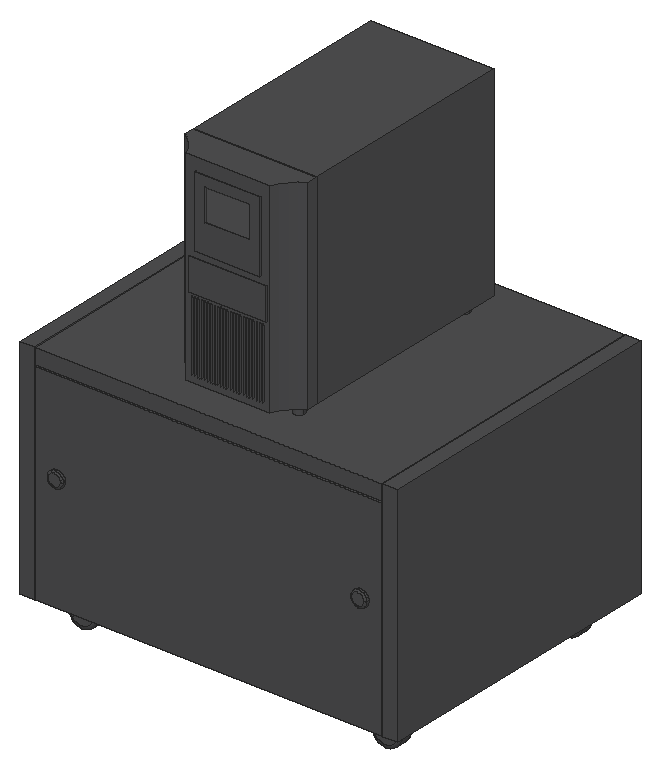
Revit family "Lighting_Emergency&Security_Linergy_Spy-control", category Electrical Fixtures, Revit 2018 (continued)
Definition of nested family "Upper_1810"
  Forms (mm)
    Extrusion 2, void
      sketch origin (0, -52.5, 0) x (1, 0, 0) y (0, 0, 1)
        loop
          line (66, 270) -> (63, 270) -> (63, 10) -> (66, 10) -> (66, 270)
      from 195.5 to 202.347
    Extrusion 3, solid, material <- "Secondary material", visible <- "SC1810", detail levels fine
      sketch origin (0, -52.5, 0) x (1, 0, 0) y (0, 0, 1)
        loop
          line (60, 440) -> (-100, 440)
          arc (-100, 440) -> (-103.536, 438.536) -> (-105, 435) r 5
          line (-105, 435) -> (-105, 345)
          arc (-105, 345) -> (-103.536, 341.464) -> (-100, 340) r 5
          line (-100, 340) -> (60, 340)
          arc (60, 340) -> (63.536, 341.464) -> (65, 345) r 5
          line (65, 345) -> (65, 435)
          arc (65, 435) -> (63.536, 438.536) -> (60, 440) r 5
        loop
          line (-90.5, 428) -> (-90.5, 363) -> (52, 363) -> (52, 428) -> (-90.5, 428)
      from 197.5 to 202.5
    Extrusion 4, solid, material <- "Screen material", visible <- "SC1810"
      sketch origin (0, -52.5, 0) x (1, 0, 0) y (0, 0, 1)
        loop
          line (-90.5, 428) -> (-90.5, 363) -> (52, 363) -> (52, 428) -> (-90.5, 428)
      from 197.5 to 199
    Extrusion 5, solid, material <- "Secondary material", visible <- "SC1810"
      sketch origin (0, -52.5, -85) x (1, 0, 0) y (0, 0, 1)
        loop
          line (70, 423) -> (-110, 423) -> (-110, 378) -> (70, 378) -> (70, 423)
      from 197.5 to 199.5
    Extrusion 6, solid, material <- "Main material", visible <- "SC1810"
      sketch origin (0, -446, 0) x (1, 0, 0) y (0, 1, 0)
        loop
          line (-115, 223) -> (115, 223) -> (115, 226) -> (-115, 226) -> (-115, 223)
      from 5 to 461.464
    Extrusion 7, solid, material <- "Main material", visible <- "SC1810", detail levels fine
      sketch origin (0, 0, 0) x (0, 1, 0) y (0, 0, 1)
        loop
          line (250, 0) -> (250, 465) -> (-220, 465) -> (-220, 0) -> (-215, 0) -> (-190, 20) -> (190, 20) -> (215, 0) -> (250, 0)
      from -120 to 120
    Extrusion 8, solid, material <- "Secondary material", visible <- "SC1810", detail levels coarse+medium
      sketch origin (0, -52.5, 0) x (1, 0, 0) y (0, 0, 1)
        loop
          line (65, 440) -> (-105, 440) -> (-105, 340) -> (65, 340) -> (65, 440)
        loop
          line (-90.5, 428) -> (-90.5, 363) -> (52, 363) -> (52, 428) -> (-90.5, 428)
      from 197.5 to 202.5
    Extrusion 9, solid, material <- "Main material", visible <- "SC1810", detail levels coarse+medium
      sketch origin (0, 0, 0) x (0, 1, 0) y (0, 0, 1)
        loop
          line (250, 0) -> (250, 465) -> (-250, 465) -> (-250, 0) -> (-215, 0) -> (-190, 20) -> (190, 20) -> (215, 0) -> (250, 0)
      from -120 to 120
  Cuts and joins
    Extrusion 2 cuts Extrusion 1
  Dimensions and locks
    equal spacing: plane 5, plane 3 "Center (Left/Right)", plane 4
    "Width_upper": plane 5 to plane 4
    equal spacing: plane 7, plane 1 "Center (Front/Back)", plane 6
    "Depth_upper": plane 6 to plane 7
    "Height_upper": plane 8 to level
    aligned and locked: level to plane 2
    aligned and locked: plane 8 to Extrusion 1
  Automatic sketch dimensions
    Extrusion 1 sketch curve to plane 5 = 0 mm
    plane 7 to Extrusion 1 sketch curve = 0 mm  (x2)
    Extrusion 1 sketch curve to plane 4 = 0 mm
    Extrusion 1 sketch curve to plane 10 = 0 mm
    Extrusion 1 sketch curve to plane 12 = 40 mm
    Extrusion 1 sketch curve to plane 7 = 5 mm
    Extrusion 1 sketch curve to Extrusion 1 sketch curve = 2.5 mm
    Extrusion 1 sketch curve to Extrusion 1 sketch curve = 5 mm
    Extrusion 2 sketch curve to plane 3 "Center (Left/Right)" = 0 mm
    Extrusion 2 sketch curve to plane 3 "Center (Left/Right)" = 6 mm
    Extrusion 2 sketch curve to Extrusion 2 sketch curve = 3 mm  (x19)
    Extrusion 2 sketch curve to Extrusion 2 sketch curve = 6 mm  (x18)
    plane 3 "Center (Left/Right)" to Extrusion 2 sketch curve = 3 mm
    level to Extrusion 2 sketch curve = 10 mm  (x6)
    Extrusion 2 sketch curve to Extrusion 2 sketch curve = 0 mm  (x33)
    Extrusion 2 sketch curve to plane 8 = 195 mm
    Extrusion 3 sketch curve to plane 11 = 10 mm
    Extrusion 3 sketch curve to Extrusion 3 sketch curve = 5 mm  (x3)
    Extrusion 3 sketch curve to Extrusion 3 sketch curve = 9.5 mm
    plane 3 "Center (Left/Right)" to Extrusion 3 sketch curve = 52 mm
    Extrusion 3 sketch curve to Extrusion 3 sketch curve = 8 mm  (x2)
    Extrusion 3 sketch curve to plane 8 = 125 mm
    Extrusion 3 sketch curve to Extrusion 3 sketch curve = 18 mm
    Extrusion 3 sketch curve to plane 8 = 37 mm
    Extrusion 3 sketch curve to Extrusion 3 sketch curve = 7 mm
    Extrusion 4 sketch curve to plane 11 = 24.5 mm
    plane 3 "Center (Left/Right)" to Extrusion 4 sketch curve = 52 mm
    Extrusion 4 sketch curve to plane 8 = 102 mm
    Extrusion 4 sketch curve to plane 8 = 37 mm
    Extrusion 5 sketch curve to plane 11 = 5 mm
    Extrusion 5 sketch curve to plane 12 = 45 mm
    Extrusion 5 sketch curve to plane 8 = 172 mm
    Extrusion 5 sketch curve to Extrusion 5 sketch curve = 45 mm
    Extrusion 6 sketch curve to plane 9 = 0 mm
    Extrusion 6 sketch curve to plane 11 = 0 mm
    Extrusion 6 sketch curve to plane 12 = 0 mm
    Extrusion 6 sketch curve to plane 10 = 0 mm
    Extrusion 7 sketch curve to plane 8 = 0 mm
    Extrusion 7 sketch curve to plane 9 = 0 mm
    Extrusion 7 sketch curve to level = 0 mm  (x2)
    Extrusion 7 sketch curve to plane 6 = 0 mm
    plane 9 to Extrusion 7 sketch curve = 5 mm
    plane 9 to Extrusion 7 sketch curve = 30 mm
    level to Extrusion 7 sketch curve = 20 mm
    Extrusion 7 sketch curve to plane 6 = 60 mm
    Extrusion 7 sketch curve to Extrusion 7 sketch curve = 25 mm
    Extrusion 8 sketch curve to plane 11 = 10 mm
    Extrusion 8 sketch curve to Extrusion 8 sketch curve = 14.5 mm
    plane 3 "Center (Left/Right)" to Extrusion 8 sketch curve = 52 mm
    Extrusion 8 sketch curve to Extrusion 8 sketch curve = 13 mm
    Extrusion 8 sketch curve to plane 8 = 125 mm
    Extrusion 8 sketch curve to Extrusion 8 sketch curve = 23 mm
    Extrusion 8 sketch curve to plane 8 = 37 mm
    Extrusion 8 sketch curve to Extrusion 8 sketch curve = 12 mm
    Extrusion 9 sketch curve to plane 8 = 0 mm
    Extrusion 9 sketch curve to plane 13 = 5 mm
    Extrusion 9 sketch curve to level = 0 mm  (x2)
    Extrusion 9 sketch curve to plane 6 = 0 mm
    plane 9 to Extrusion 9 sketch curve = 5 mm
    plane 9 to Extrusion 9 sketch curve = 30 mm
    level to Extrusion 9 sketch curve = 20 mm
    Extrusion 9 sketch curve to plane 6 = 60 mm
    Extrusion 9 sketch curve to Extrusion 9 sketch curve = 25 mm
Definition of nested family "Base_1811"
  Parameters (values of type "Base_1811")
    z_lock location Z_2 = 672 mm
    z_lock location Z = 300 mm
    z_lock location X = 105 mm
    Width = 770 mm
    Wheels material [instance] = none
    z_Void location = 200 mm
    SC1811 [instance] = yes
    Main material texture [instance] = none
    Main material [instance] = none
    Height = 1520 mm
    Depth = 550 mm
  Reference planes
    plane 1 "Center (Front/Back)": y = 0
    plane 2: z = 0
    plane 3 "Center (Left/Right)": x = 0
    plane 4: y = 275
    plane 5: y = -187.5
    plane 6: y = -162.5
    plane 7: y = -275
    plane 8: y = -270
    plane 9: y = 277
    plane 10: y = -277
    plane 11: y = 272
    plane 12: y = -278
    plane 13: y = -280
    plane 14: y = 187.5
    plane 15: y = 162.5
    plane 16: y = 278
    plane 17: y = 280
  Forms (mm)
    Extrusion 1, solid, material <- "Main material", visible <- "SC1811", detail levels fine
      sketch origin (0, 0, 0) x (1, 0, 0) y (0, 0, 1)
        loop
          circle (-280, 300) r 12.5
        loop
          circle (280, 300) r 12.5
      from 275 to 278
    Extrusion 2, solid, material <- "Main material", visible <- "SC1811", detail levels fine
      sketch origin (0, 0, 0) x (1, 0, 0) y (0, 0, -1)
        loop
          circle (-280, -300) r 12.5
        loop
          circle (280, -300) r 12.5
      from 275 to 278
    Blend 3, solid, material <- "Main material", visible <- "SC1811", detail levels fine
      base sketch origin (0, 0, 0) x (1, 0, 0) y (0, 0, 1)
        loop
          circle (-280, 300) r 12.5
      top sketch origin (0, 0, 0) x (1, 0, 0) y (0, 0, 1)
        loop
          circle (-280, 300) r 9.5
      from 278 to 280
    Blend 4, solid, material <- "Main material", visible <- "SC1811", detail levels fine
      base sketch origin (0, 0, 0) x (-1, 0, 0) y (0, 0, -1)
        loop
          circle (-280, -300) r 12.5
      top sketch origin (0, 0, 0) x (-1, 0, 0) y (0, 0, -1)
        loop
          circle (-280, -300) r 9.5
      from 278 to 280
    Extrusion 5, solid, material <- "Main material", visible <- "SC1811", detail levels fine
      sketch origin (0, 0, 0) x (1, 0, 0) y (0, 0, -1)
        loop
          circle (-280, -300) r 12.5
        loop
          circle (280, -300) r 12.5
      from 275 to 278
    Blend 6, solid, material <- "Main material", visible <- "SC1811", detail levels fine
      base sketch origin (0, 0, 0) x (1, 0, 0) y (0, 0, -1)
        loop
          circle (-280, -300) r 12.5
      top sketch origin (0, 0, 0) x (1, 0, 0) y (0, 0, -1)
        loop
          circle (-280, -300) r 9.5
      from 278 to 280
    Blend 7, solid, material <- "Main material", visible <- "SC1811", detail levels fine
      base sketch origin (0, 0, 0) x (-1, 0, 0) y (0, 0, 1)
        loop
          circle (-280, 300) r 12.5
      top sketch origin (0, 0, 0) x (-1, 0, 0) y (0, 0, 1)
        loop
          circle (-280, 300) r 9.5
      from 278 to 280
    Extrusion 8, solid, material <- "Main material", visible <- "SC1811"
      sketch origin (0, 0, 0) x (1, 0, 0) y (0, 1, 0)
        loop
          line (-367.5, -150) -> (-367.5, -200) -> (-217.5, -200) -> (-217.5, -150) -> (-367.5, -150)
        loop
          line (-367.5, 150) -> (-217.5, 150) -> (-217.5, 200) -> (-367.5, 200) -> (-367.5, 150)
        loop
          line (367.5, -150) -> (217.5, -150) -> (217.5, -200) -> (367.5, -200) -> (367.5, -150)
        loop
          line (367.5, 150) -> (367.5, 200) -> (217.5, 200) -> (217.5, 150) -> (367.5, 150)
      from 95 to 100
    Extrusion 9, solid, material <- "Wheels material", visible <- "SC1811", detail levels coarse+medium
      sketch origin (0, 0, 0) x (1, 0, 0) y (0, 0, 1)
        loop
          circle (-285, 47.5) r 47.5
      from 162.5 to 187.5
    Extrusion 10, solid, material <- "Wheels material", visible <- "SC1811", detail levels coarse+medium
      sketch origin (0, 0, 0) x (1, 0, 0) y (0, 0, -1)
        loop
          circle (-285, -47.5) r 47.5
      from 162.5 to 187.5
    Revolve 11, solid, material <- "Wheels material", visible <- "SC1811", detail levels fine
      sketch origin (0, 0, 47.5) x (1, 0, 0) y (0, 1, 0)
        loop
          line (-285.006, -187.5) -> (-285.006, -162.5) -> (-327.5, -162.5)
          arc (-327.5, -162.5) -> (-331.036, -163.964) -> (-332.5, -167.5) r 5
          line (-332.5, -167.5) -> (-332.5, -182.5)
          arc (-332.5, -182.5) -> (-331.036, -186.036) -> (-327.5, -187.5) r 5
          line (-327.5, -187.5) -> (-285.006, -187.5)
        axis (-285.006, -187.5) -> (-285.006, -162.5)
      angle from 0 to 360
    Revolve 12, solid, material <- "Wheels material", visible <- "SC1811", detail levels fine
      sketch origin (0, 0, 47.5) x (1, 0, 0) y (0, -1, 0)
        loop
          line (-284.998, -187.5) -> (-284.998, -162.5) -> (-327.5, -162.5)
          arc (-327.5, -162.5) -> (-331.036, -163.964) -> (-332.5, -167.5) r 5
          line (-332.5, -167.5) -> (-332.5, -182.5)
          arc (-332.5, -182.5) -> (-331.036, -186.036) -> (-327.5, -187.5) r 5
          line (-327.5, -187.5) -> (-284.998, -187.5)
        axis (-284.998, -187.5) -> (-284.998, -162.5)
      angle from 0 to 360
    Extrusion 13, solid, material <- "Main material", visible <- "SC1811", detail levels coarse+medium
      sketch origin (0, -5, 0) x (1, 0, 0) y (0, 0, 1)
        loop
          circle (-280, 300) r 12.5
        loop
          circle (280, 300) r 12.5
      from 275 to 270
    Extrusion 14, solid, material <- "Main material", visible <- "SC1811", detail levels coarse+medium
      sketch origin (0, 5, 0) x (1, 0, 0) y (0, 0, -1)
        loop
          circle (-280, -300) r 12.5
        loop
          circle (280, -300) r 12.5
      from 275 to 270
    Extrusion 15, solid, material <- "Main material", visible <- "SC1811", detail levels fine
      sketch origin (0, 0, 200) x (1, 0, 0) y (0, 0, 1)
        loop
          circle (-280, 472) r 12.5
        loop
          circle (280, 472) r 12.5
      from 275 to 278
    Extrusion 16, solid, material <- "Main material", visible <- "SC1811", detail levels fine
      sketch origin (0, 0, 200) x (1, 0, 0) y (0, 0, -1)
        loop
          circle (-280, -472) r 12.5
        loop
          circle (280, -472) r 12.5
      from 275 to 277
    Blend 17, solid, material <- "Main material", visible <- "SC1811", detail levels fine
      base sketch origin (0, 0, 200) x (1, 0, 0) y (0, 0, 1)
        loop
          circle (-280, 472) r 12.5
      top sketch origin (0, 0, 200) x (1, 0, 0) y (0, 0, 1)
        loop
          circle (-280, 472) r 9.5
      from 278 to 280
    Blend 18, solid, material <- "Main material", visible <- "SC1811", detail levels fine
      base sketch origin (0, 0, 200) x (-1, 0, 0) y (0, 0, -1)
        loop
          circle (-280, -472) r 12.5
      top sketch origin (0, 0, 200) x (-1, 0, 0) y (0, 0, -1)
        loop
          circle (-280, -472) r 9.5
      from 278 to 280
    Extrusion 19, solid, material <- "Main material", visible <- "SC1811", detail levels fine
      sketch origin (0, 0, 200) x (1, 0, 0) y (0, 0, -1)
        loop
          circle (-280, -472) r 12.5
        loop
          circle (280, -472) r 12.5
      from 275 to 277
    Blend 20, solid, material <- "Main material", visible <- "SC1811", detail levels fine
      base sketch origin (0, 0, 200) x (1, 0, 0) y (0, 0, -1)
        loop
          circle (-280, -472) r 12.5
      top sketch origin (0, 0, 200) x (1, 0, 0) y (0, 0, -1)
        loop
          circle (-280, -472) r 9.5
      from 277 to 280
    Blend 21, solid, material <- "Main material", visible <- "SC1811", detail levels fine
      base sketch origin (0, 0, 200) x (-1, 0, 0) y (0, 0, 1)
        loop
          circle (-280, 472) r 12.5
      top sketch origin (0, 0, 200) x (-1, 0, 0) y (0, 0, 1)
        loop
          circle (-280, 472) r 9.5
      from 278 to 280
    Extrusion 22, solid, material <- "Main material", visible <- "SC1811", detail levels coarse+medium
      sketch origin (0, -5, 200) x (1, 0, 0) y (0, 0, 1)
        loop
          circle (-280, 472) r 12.5
        loop
          circle (280, 472) r 12.5
      from 275 to 270
    Extrusion 23, solid, material <- "Main material", visible <- "SC1811", detail levels coarse+medium
      sketch origin (0, 5, 200) x (1, 0, 0) y (0, 0, -1)
        loop
          circle (-280, -472) r 12.5
        loop
          circle (280, -472) r 12.5
      from 275 to 270
    Extrusion 24, solid, material <- "Wheels material", visible <- "SC1811", detail levels coarse+medium
      sketch origin (0, 0, 0) x (-1, 0, 0) y (0, 0, -1)
        loop
          circle (-285, -47.5) r 47.5
      from 162.5 to 187.5
    Extrusion 25, solid, material <- "Wheels material", visible <- "SC1811", detail levels coarse+medium
      sketch origin (0, 0, 0) x (-1, 0, 0) y (0, 0, 1)
        loop
          circle (-285, 47.5) r 47.5
      from 162.5 to 187.5
    Revolve 26, solid, material <- "Wheels material", visible <- "SC1811", detail levels fine
      sketch origin (0, 0, 47.5) x (-1, 0, 0) y (0, -1, 0)
        loop
          line (-285.006, 187.5) -> (-327.5, 187.5)
          arc (-327.5, 187.5) -> (-331.036, 186.036) -> (-332.5, 182.5) r 5
          line (-332.5, 182.5) -> (-332.5, 167.5)
          arc (-332.5, 167.5) -> (-331.036, 163.964) -> (-327.5, 162.5) r 5
          line (-327.5, 162.5) -> (-285.006, 162.5) -> (-285.006, 187.5)
        axis (-285.006, 187.5) -> (-285.006, 162.5)
      angle from 0 to 360
    Revolve 27, solid, material <- "Wheels material", visible <- "SC1811", detail levels fine
      sketch origin (0, 0, 47.5) x (-1, 0, 0) y (0, -1, 0)
        loop
          line (-284.998, -187.5) -> (-284.998, -162.5) -> (-327.5, -162.5)
          arc (-327.5, -162.5) -> (-331.036, -163.964) -> (-332.5, -167.5) r 5
          line (-332.5, -167.5) -> (-332.5, -182.5)
          arc (-332.5, -182.5) -> (-331.036, -186.036) -> (-327.5, -187.5) r 5
          line (-327.5, -187.5) -> (-284.998, -187.5)
        axis (-284.998, -187.5) -> (-284.998, -162.5)
      angle from 0 to 360
    Extrusion 28, solid, material <- "Main material", visible <- "SC1811", detail levels fine
      sketch origin (0, 0, 566) x (1, 0, 0) y (0, 0, 1)
        loop
          circle (-280, 472) r 12.5
        loop
          circle (280, 472) r 12.5
      from 275 to 278
    Extrusion 29, solid, material <- "Main material", visible <- "SC1811", detail levels fine
      sketch origin (0, 0, 566) x (1, 0, 0) y (0, 0, -1)
        loop
          circle (-280, -472) r 12.5
        loop
          circle (280, -472) r 12.5
      from 275 to 277
    Blend 30, solid, material <- "Main material", visible <- "SC1811", detail levels fine
      base sketch origin (0, 0, 566) x (1, 0, 0) y (0, 0, 1)
        loop
          circle (-280, 472) r 12.5
      top sketch origin (0, 0, 566) x (1, 0, 0) y (0, 0, 1)
        loop
          circle (-280, 472) r 9.5
      from 278 to 280
    Blend 31, solid, material <- "Main material", visible <- "SC1811", detail levels fine
      base sketch origin (0, 0, 566) x (-1, 0, 0) y (0, 0, -1)
        loop
          circle (-280, -472) r 12.5
      top sketch origin (0, 0, 566) x (-1, 0, 0) y (0, 0, -1)
        loop
          circle (-280, -472) r 9.5
      from 278 to 280
    Extrusion 32, solid, material <- "Main material", visible <- "SC1811", detail levels fine
      sketch origin (0, 0, 566) x (1, 0, 0) y (0, 0, -1)
        loop
          circle (-280, -472) r 12.5
        loop
          circle (280, -472) r 12.5
      from 275 to 277
    Blend 33, solid, material <- "Main material", visible <- "SC1811", detail levels fine
      base sketch origin (0, 0, 566) x (1, 0, 0) y (0, 0, -1)
        loop
          circle (-280, -472) r 12.5
      top sketch origin (0, 0, 566) x (1, 0, 0) y (0, 0, -1)
        loop
          circle (-280, -472) r 9.5
      from 277 to 280
    Blend 34, solid, material <- "Main material", visible <- "SC1811", detail levels fine
      base sketch origin (0, 0, 566) x (-1, 0, 0) y (0, 0, 1)
        loop
          circle (-280, 472) r 12.5
      top sketch origin (0, 0, 566) x (-1, 0, 0) y (0, 0, 1)
        loop
          circle (-280, 472) r 9.5
      from 278 to 280
    Extrusion 35, solid, material <- "Main material", visible <- "SC1811", detail levels coarse+medium
      sketch origin (0, -5, 566) x (1, 0, 0) y (0, 0, 1)
        loop
          circle (-280, 472) r 12.5
        loop
          circle (280, 472) r 12.5
      from 275 to 270
    Extrusion 36, solid, material <- "Main material", visible <- "SC1811", detail levels coarse+medium
      sketch origin (0, 5, 566) x (1, 0, 0) y (0, 0, -1)
        loop
          circle (-280, -472) r 12.5
        loop
          circle (280, -472) r 12.5
      from 275 to 270
    Extrusion 37, solid, material <- "Main material", visible <- "SC1811", detail levels fine
      sketch origin (0, 0, 940) x (1, 0, 0) y (0, 0, 1)
        loop
          circle (-280, 472) r 12.5
        loop
          circle (280, 472) r 12.5
      from 275 to 278
    Extrusion 38, solid, material <- "Main material", visible <- "SC1811", detail levels fine
      sketch origin (0, 0, 940) x (1, 0, 0) y (0, 0, -1)
        loop
          circle (-280, -472) r 12.5
        loop
          circle (280, -472) r 12.5
      from 275 to 277
    Blend 39, solid, material <- "Main material", visible <- "SC1811", detail levels fine
      base sketch origin (0, 0, 940) x (1, 0, 0) y (0, 0, 1)
        loop
          circle (-280, 472) r 12.5
      top sketch origin (0, 0, 940) x (1, 0, 0) y (0, 0, 1)
        loop
          circle (-280, 472) r 9.5
      from 278 to 280
    Blend 40, solid, material <- "Main material", visible <- "SC1811", detail levels fine
      base sketch origin (0, 0, 940) x (-1, 0, 0) y (0, 0, -1)
        loop
          circle (-280, -472) r 12.5
      top sketch origin (0, 0, 940) x (-1, 0, 0) y (0, 0, -1)
        loop
          circle (-280, -472) r 9.5
      from 278 to 280
    Extrusion 41, solid, material <- "Main material", visible <- "SC1811", detail levels fine
      sketch origin (0, 0, 940) x (1, 0, 0) y (0, 0, -1)
        loop
          circle (-280, -472) r 12.5
        loop
          circle (280, -472) r 12.5
      from 275 to 277
    Blend 42, solid, material <- "Main material", visible <- "SC1811", detail levels fine
      base sketch origin (0, 0, 940) x (1, 0, 0) y (0, 0, -1)
        loop
          circle (-280, -472) r 12.5
      top sketch origin (0, 0, 940) x (1, 0, 0) y (0, 0, -1)
        loop
          circle (-280, -472) r 9.5
      from 277 to 280
    Blend 43, solid, material <- "Main material", visible <- "SC1811", detail levels fine
      base sketch origin (0, 0, 940) x (-1, 0, 0) y (0, 0, 1)
        loop
          circle (-280, 472) r 12.5
      top sketch origin (0, 0, 940) x (-1, 0, 0) y (0, 0, 1)
        loop
          circle (-280, 472) r 9.5
      from 278 to 280
    Extrusion 44, solid, material <- "Main material", visible <- "SC1811", detail levels coarse+medium
      sketch origin (0, -5, 940) x (1, 0, 0) y (0, 0, 1)
        loop
          circle (-280, 472) r 12.5
        loop
          circle (280, 472) r 12.5
      from 275 to 270
    Extrusion 45, solid, material <- "Main material", visible <- "SC1811", detail levels coarse+medium
      sketch origin (0, 5, 940) x (1, 0, 0) y (0, 0, -1)
        loop
          circle (-280, -472) r 12.5
        loop
          circle (280, -472) r 12.5
      from 275 to 270
    Extrusion 46, solid, material <- "Main material", visible <- "SC1811", detail levels fine
      sketch origin (0, 0, 200) x (1, 0, 0) y (0, 1, 0)
        loop
          line (-385, 275) -> (-385, -275) -> (-350, -275) -> (-350, 275) -> (-385, 275)
      from -100 to 1420
    Extrusion 47, solid, material <- "Main material texture", visible <- "SC1811", detail levels fine
      sketch origin (0, 0, 0) x (1, 0, 0) y (0, 0, 1)
        loop
          line (348, 1586) -> (-348, 1586) -> (-348, 1216) -> (348, 1216) -> (348, 1586)
      from 270 to 275
    Extrusion 48, solid, material <- "Main material texture", visible <- "SC1811", detail levels fine
      sketch origin (0, 0, -374) x (1, 0, 0) y (0, 0, 1)
        loop
          line (348, 1588) -> (-348, 1588) -> (-348, 1218) -> (348, 1218) -> (348, 1588)
      from 270 to 275
    Extrusion 49, solid, material <- "Main material texture", visible <- "SC1811", detail levels fine
      sketch origin (0, 0, -748) x (1, 0, 0) y (0, 0, 1)
        loop
          line (348, 1590) -> (-348, 1590) -> (-348, 1220) -> (348, 1220) -> (348, 1590)
      from 270 to 275
    Extrusion 50, solid, material <- "Main material texture", visible <- "SC1811", detail levels fine
      sketch origin (0, 0, -1122) x (1, 0, 0) y (0, 0, 1)
        loop
          line (348, 1592) -> (-348, 1592) -> (-348, 1222) -> (348, 1222) -> (348, 1592)
      from 270 to 275
    Extrusion 51, solid, material <- "Main material", visible <- "SC1811", detail levels fine
      sketch origin (0, 0, 200) x (-1, 0, 0) y (0, -1, 0)
        loop
          line (-385, -275) -> (-350, -275) -> (-350, 275) -> (-385, 275) -> (-385, -275)
      from -100 to 1420
    Extrusion 52, solid, material <- "Main material", visible <- "SC1811", detail levels fine
      sketch origin (1040.525, 202.258, 200) x (1, 0, 0) y (0, 1, 0)
        loop
          line (-1390.525, 67.742) -> (-1390.525, -472.258) -> (-690.525, -472.258) -> (-690.525, 67.742) -> (-1390.525, 67.742)
      from -100 to 1404
    Extrusion 53, solid, material <- "Main material", visible <- "SC1811", detail levels coarse+medium
      sketch origin (-250, 0, 200) x (1, 0, 0) y (0, 1, 0)
        loop
          line (-135, 275) -> (-135, -275) -> (635, -275) -> (635, 275) -> (-135, 275)
      from -100 to 1420
    Extrusion 54, solid, material <- "Main material", visible <- "SC1811", detail levels fine
      sketch origin (1040.525, 202.258, 3086.54) x (0, -1, 0) y (1, 0, 0)
        loop
          line (-72.742, -1388.525) -> (477.258, -1388.525) -> (477.258, -692.525) -> (-72.742, -692.525) -> (-72.742, -1388.525)
      from -1498.54 to -1466.54
    Extrusion 55, solid, material <- "Main material texture", visible <- "SC1811", detail levels fine
      sketch origin (0, 545, 0) x (1, 0, 0) y (0, 0, 1)
        loop
          line (348, 1586) -> (-348, 1586) -> (-348, 1216) -> (348, 1216) -> (348, 1586)
      from 270 to 275
    Extrusion 56, solid, material <- "Main material texture", visible <- "SC1811", detail levels fine
      sketch origin (0, 545, -374) x (1, 0, 0) y (0, 0, 1)
        loop
          line (348, 1588) -> (-348, 1588) -> (-348, 1218) -> (348, 1218) -> (348, 1588)
      from 270 to 275
    Extrusion 57, solid, material <- "Main material texture", visible <- "SC1811", detail levels fine
      sketch origin (0, 545, -748) x (1, 0, 0) y (0, 0, 1)
        loop
          line (348, 1590) -> (-348, 1590) -> (-348, 1220) -> (348, 1220) -> (348, 1590)
      from 270 to 275
    Extrusion 58, solid, material <- "Main material texture", visible <- "SC1811", detail levels fine
      sketch origin (0, 545, -1122) x (1, 0, 0) y (0, 0, 1)
        loop
          line (348, 1592) -> (-348, 1592) -> (-348, 1222) -> (348, 1222) -> (348, 1592)
      from 270 to 275
  Dimensions and locks
    plane 8 to plane 7 to plane 10 = 5 mm locked, 2 mm locked
    plane 9 to plane 4 to plane 11 = 2 mm locked, 3 mm locked
    plane 7 to plane 5 to plane 6 = 87.5 mm locked, 25 mm locked
    plane 13 to plane 12 to plane 7 = 2 mm locked, 3 mm locked
    plane 17 to plane 16 to plane 4 = 2 mm locked, 3 mm locked
    locked: Extrusion 8 sketch curve to Extrusion 8 sketch curve at 150  (x2)
    Extrusion 8 sketch curve to Extrusion 8 sketch curve to plane 4 = 50 mm locked, 75 mm locked
    plane 7 to Extrusion 8 sketch curve to Extrusion 8 sketch curve = 75 mm locked, 50 mm locked
    radius of Blend 3 sketch curve = 12.5 mm
    radius of Blend 6 sketch curve = 12.5 mm
    radius of Blend 17 sketch curve = 12.5 mm
    radius of Blend 20 sketch curve = 12.5 mm
    radius of Blend 30 sketch curve = 12.5 mm
    radius of Blend 33 sketch curve = 12.5 mm
    radius of Blend 39 sketch curve = 12.5 mm
    radius of Blend 42 sketch curve = 12.5 mm
    aligned and locked: level to plane 2
    aligned and locked: Extrusion 13 to plane 13
    aligned and locked: Extrusion 13 to plane 7
    aligned and locked: Blend 3 to plane 13
    aligned and locked: plane 12 to Blend 3
    aligned and locked: Extrusion 1 to Blend 3
    aligned and locked: Extrusion 1 to Extrusion 13
    aligned and locked: plane 5 to Extrusion 9
    aligned and locked: Extrusion 9 to plane 6
    aligned and locked: plane 17 to Extrusion 14
    aligned and locked: Extrusion 14 to plane 4
    aligned and locked: Extrusion 14 to Blend 7
    aligned and locked: Blend 7 to plane 16
    aligned and locked: plane 16 to Extrusion 5
    aligned and locked: Extrusion 5 to plane 4
    aligned and locked: Extrusion 14 to Blend 6
    aligned and locked: Blend 6 to Extrusion 5
    aligned and locked: Extrusion 2 to Extrusion 5
    aligned and locked: Extrusion 2 to plane 4
    aligned and locked: Extrusion 13 to Blend 4
    aligned and locked: Blend 4 to Extrusion 1
    aligned and locked: Extrusion 15 to Blend 17
    aligned and locked: Extrusion 22 to Extrusion 15
    aligned and locked: Extrusion 23 to Blend 21
    aligned and locked: Extrusion 23 to Blend 20
    aligned and locked: Blend 20 to Extrusion 19
    aligned and locked: Extrusion 16 to Extrusion 19
    aligned and locked: Extrusion 22 to Blend 18
    aligned and locked: Blend 18 to Extrusion 15
    aligned and locked: plane 17 to Extrusion 23
    aligned and locked: Blend 21 to plane 16
    aligned and locked: Extrusion 19 to plane 9
    aligned and locked: Extrusion 19 to plane 4
    aligned and locked: Extrusion 16 to plane 4
    aligned and locked: Extrusion 22 to plane 13
    aligned and locked: Blend 17 to plane 12
    aligned and locked: Blend 17 to plane 13
    aligned and locked: Extrusion 28 to Blend 30
    aligned and locked: Extrusion 35 to Extrusion 28
    aligned and locked: Extrusion 36 to Blend 34
    aligned and locked: Extrusion 36 to Blend 33
    aligned and locked: Blend 33 to Extrusion 32
    aligned and locked: Extrusion 29 to Extrusion 32
    aligned and locked: Extrusion 35 to Blend 31
    aligned and locked: Blend 31 to Extrusion 28
    aligned and locked: Extrusion 37 to Blend 39
    aligned and locked: Extrusion 44 to Extrusion 37
    aligned and locked: Extrusion 45 to Blend 43
    aligned and locked: Extrusion 45 to Blend 42
    aligned and locked: Blend 42 to Extrusion 41
    aligned and locked: Extrusion 38 to Extrusion 41
    aligned and locked: Extrusion 44 to Blend 40
    aligned and locked: Blend 40 to Extrusion 37
Definition of nested family "Masking region SC1801_upper"
  Reference planes
    plane 1 "Center (Front/Back)": y = 0
    plane 2: z = 0
    plane 3 "Center (Left/Right)": x = 0
  Lines and regions (mm)
    Masking region 1, in view "Ref. Level", detail levels fine
      outline origin (0, -23.5, 0) x (1, 0, 0) y (0, 1, 0)
        loop
          line (95, 221) -> (-95, 221) -> (-95, -139)
          arc (-95, -139) -> (-73.526, -150.951) -> (-65, -174) r 35.417
          line (-65, -174) -> (-60, -174) -> (-60, -176) -> (60, -176) -> (60, -174) -> (65, -174)
          arc (65, -174) -> (73.526, -150.951) -> (95, -139) r 35.417
          line (95, -139) -> (95, 221)
    Masking region 2, in view "Ref. Level", detail levels coarse+medium
      outline origin (0, -1, 0) x (1, 0, 0) y (0, 1, 0)
        loop
          line (-60, -198.5) -> (60, -198.5) -> (60, -196.5) -> (65, -196.5) -> (95, -161.5) -> (95, 198.5) -> (-95, 198.5) -> (-95, -161.5) -> (-65, -196.5) -> (-60, -196.5) -> (-60, -198.5)
    detail lines, in view "Ref. Level"
      curve 1: line (-60, -197.5, 0) -> (60, -197.5, 0)
      curve 2: line (-50, -197.5, 0) -> (-50, -199.5, 0)
      curve 3: line (50, -197.5, 0) -> (50, -199.5, 0)
Definition of nested family "Masking region SC1801"
  Reference planes
    plane 1 "Center (Front/Back)": y = 0
    plane 2: z = 0
    plane 3 "Center (Left/Right)": x = 0
  Lines and regions (mm)
    Masking region 1, in view "Ref. Level", detail levels coarse+medium
      outline origin (0, 0, 0) x (1, 0, 0) y (0, 1, 0)
        loop
          line (-292.5, -235) -> (-247.5, -235) -> (-247.5, -240) -> (-222.5, -240) -> (-222.5, -235) -> (222.5, -235) -> (222.5, -240) -> (247.5, -240) -> (247.5, -235) -> (292.5, -235) -> (292.5, 235) -> (247.5, 235) -> (247.5, 240) -> (222.5, 240) -> (222.5, 235) -> (-222.5, 235) -> (-222.5, 240) -> (-247.5, 240) -> (-247.5, 235) -> (-292.5, 235) -> (-292.5, -235)
    Masking region 2, in view "Ref. Level", detail levels fine
      outline origin (0, 0, 0) x (1, 0, 0) y (0, 1, 0)
        loop
          line (-292.5, 235) -> (-292.5, -235) -> (-269.5, -235) -> (-269.5, -225) -> (-267.5, -225) -> (-267.5, -235) -> (-247.5, -235) -> (-247.5, -237) -> (-244.5, -240) -> (-225.5, -240) -> (-222.5, -237) -> (-222.5, -235) -> (222.5, -235) -> (222.5, -237) -> (225.5, -240) -> (244.5, -240) -> (247.5, -237) -> (247.5, -235) -> (267.5, -235) -> (267.5, -225) -> (269.5, -225) -> (269.5, -235) -> (292.5, -235) -> (292.5, 235) -> (269.5, 235) -> (269.5, 225) -> (267.5, 225) -> (267.5, 235) -> (247.5, 235) -> (247.5, 237) -> (244.5, 240) -> (225.5, 240) -> (222.5, 237) -> (222.5, 235) -> (-222.5, 235) -> (-222.5, 237) -> (-225.5, 240) -> (-244.5, 240) -> (-247.5, 237) -> (-247.5, 235) -> (-267.5, 235) -> (-267.5, 225) -> (-269.5, 225) -> (-269.5, 235) -> (-292.5, 235)
    detail lines, in view "Ref. Level"
      curve 1: line (-247.5, 235, 0) -> (260, 235, 0)
      curve 2: line (-247.5, -235, 0) -> (247.5, -235, 0)
    detail lines, in view "Ref. Level", detail levels fine
      curve 3: line (-247.5, -237, 0) -> (-222.5, -237, 0)
      curve 4: line (247.5, -237, 0) -> (222.5, -237, 0)
      curve 5: line (-247.5, 237, 0) -> (-222.5, 237, 0)
      curve 6: line (247.5, 237, 0) -> (222.5, 237, 0)
      curve 7: line (-269.5, 225, 0) -> (-269.5, -225, 0)
      curve 8: line (-267.5, 225, 0) -> (-267.5, -225, 0)
      curve 9: line (269.5, 225, 0) -> (269.5, -225, 0)
      curve 10: line (267.5, 225, 0) -> (267.5, -225, 0)
Definition of nested family "Masking region SC1803"
  Reference planes
    plane 1 "Center (Front/Back)": y = 0
    plane 2: z = 0
    plane 3 "Center (Left/Right)": x = 0
  Lines and regions (mm)
    Masking region 1, in view "Ref. Level", detail levels coarse+medium
      outline origin (0, 0, 0) x (1, 0, 0) y (0, 1, 0)
        loop
          line (-385, -275) -> (-292.5, -275) -> (-292.5, -280) -> (-267.5, -280) -> (-267.5, -275) -> (267.5, -275) -> (267.5, -280) -> (292.5, -280) -> (292.5, -275) -> (385, -275) -> (385, 275) -> (292.5, 275) -> (292.5, 280) -> (267.5, 280) -> (267.5, 275) -> (-267.5, 275) -> (-267.5, 280) -> (-292.5, 280) -> (-292.5, 275) -> (-385, 275) -> (-385, -275)
    Masking region 2, in view "Ref. Level", detail levels fine
      outline origin (0, 0, 0) x (1, 0, 0) y (0, 1, 0)
        loop
          line (-385, 275) -> (-385, -275) -> (-362, -275) -> (-362, -265) -> (-360, -265) -> (-360, -275) -> (-292.5, -275) -> (-292.5, -277) -> (-289.5, -280) -> (-270.5, -280) -> (-267.5, -277) -> (-267.5, -275) -> (267.5, -275) -> (267.5, -277) -> (270.5, -280) -> (289.5, -280) -> (292.5, -277) -> (292.5, -275) -> (360, -275) -> (360, -265) -> (362, -265) -> (362, -275) -> (385, -275) -> (385, 275) -> (362, 275) -> (362, 265) -> (360, 265) -> (360, 275) -> (292.5, 275) -> (292.5, 277) -> (289.5, 280) -> (270.5, 280) -> (267.5, 277) -> (267.5, 275) -> (-267.5, 275) -> (-267.5, 277) -> (-270.5, 280) -> (-289.5, 280) -> (-292.5, 277) -> (-292.5, 275) -> (-360, 275) -> (-360, 265) -> (-362, 265) -> (-362, 275) -> (-385, 275)
    detail lines, in view "Ref. Level"
      curve 1: line (-340, 275, 0) -> (340, 275, 0)
      curve 2: line (-340, -275, 0) -> (340, -275, 0)
    detail lines, in view "Ref. Level", detail levels fine
      curve 3: line (-292.5, -277, 0) -> (-267.5, -277, 0)
      curve 4: line (292.5, -277, 0) -> (267.5, -277, 0)
      curve 5: line (-292.5, 277, 0) -> (-267.5, 277, 0)
      curve 6: line (292.5, 277, 0) -> (267.5, 277, 0)
      curve 7: line (-362, 265, 0) -> (-362, -265, 0)
      curve 8: line (-360, 265, 0) -> (-360, -265, 0)
      curve 9: line (362, 265, 0) -> (362, -265, 0)
      curve 10: line (360, 265, 0) -> (360, -265, 0)
Definition of nested family "Masking region SC1807"
  Reference planes
    plane 1 "Center (Front/Back)": y = 0
    plane 2: z = 0
    plane 3 "Center (Left/Right)": x = 0
  Lines and regions (mm)
    Masking region 1, in view "Ref. Level", detail levels coarse+medium
      outline origin (0, 0, 0) x (1, 0, 0) y (0, 1, 0)
        loop
          line (-385, -275) -> (-340, -275) -> (-340, -280) -> (-315, -280) -> (-315, -275) -> (315, -275) -> (315, -280) -> (340, -280) -> (340, -275) -> (385, -275) -> (385, 275) -> (340, 275) -> (340, 280) -> (315, 280) -> (315, 275) -> (-315, 275) -> (-315, 280) -> (-340, 280) -> (-340, 275) -> (-385, 275) -> (-385, -275)
    Masking region 2, in view "Ref. Level", detail levels fine
      outline origin (0, 0, 0) x (1, 0, 0) y (0, 1, 0)
        loop
          line (-385, 275) -> (-385, -275) -> (-357, -275) -> (-357, -265) -> (-355, -265) -> (-355, -275) -> (-340, -275) -> (-340, -277) -> (-337, -280) -> (-318, -280) -> (-315, -277) -> (-315, -275) -> (315, -275) -> (315, -277) -> (318, -280) -> (337, -280) -> (340, -277) -> (340, -275) -> (355, -275) -> (355, -265) -> (357, -265) -> (357, -275) -> (385, -275) -> (385, 275) -> (357, 275) -> (357, 265) -> (355, 265) -> (355, 275) -> (340, 275) -> (340, 277) -> (337, 280) -> (318, 280) -> (315, 277) -> (315, 275) -> (-315, 275) -> (-315, 277) -> (-318, 280) -> (-337, 280) -> (-340, 277) -> (-340, 275) -> (-355, 275) -> (-355, 265) -> (-357, 265) -> (-357, 275) -> (-385, 275)
    detail lines, in view "Ref. Level"
      curve 1: line (-340, 275, 0) -> (340, 275, 0)
      curve 2: line (-340, -275, 0) -> (340, -275, 0)
    detail lines, in view "Ref. Level", detail levels fine
      curve 3: line (-340, -277, 0) -> (-315, -277, 0)
      curve 4: line (340, -277, 0) -> (315, -277, 0)
      curve 5: line (-340, 277, 0) -> (-315, 277, 0)
      curve 6: line (340, 277, 0) -> (315, 277, 0)
      curve 7: line (-357, 265, 0) -> (-357, -265, 0)
      curve 8: line (-355, 265, 0) -> (-355, -265, 0)
      curve 9: line (357, 265, 0) -> (357, -265, 0)
      curve 10: line (355, 265, 0) -> (355, -265, 0)
Definition of nested family "Base_1806"
  Parameters (values of type "Base_1806")
    z_lock location Z_2 = 652 mm
    z_lock location Z = 300 mm
    z_lock location X = 105 mm
    Width = 770 mm
    Wheels material [instance] = none
    z_Void location = 250 mm
    SC1806 [instance] = yes
    Main material texture [instance] = none
    Main material [instance] = none
    Height = 760 mm
    Depth = 550 mm
  Reference planes
    plane 1 "Center (Front/Back)": y = 0
    plane 2: z = 0
    plane 3 "Center (Left/Right)": x = 0
    plane 4: x = 385
    plane 5: x = -385
    plane 6: y = 275
    plane 7: z = 100
    plane 8: z = 860
    plane 9: z = 217.5
    plane 10: z = 300
    plane 11: x = -327.5
    plane 12: y = -187.5
    plane 13: y = -162.5
    plane 14: y = -275
    plane 15: y = -270
    plane 16: z = 250
    plane 17: y = 277
    plane 18: y = -277
    plane 19: y = 272
    plane 20: y = -278
    plane 21: y = -280
    plane 22: y = 187.5
    plane 23: y = 162.5
    plane 24: y = 278
    plane 25: y = 280
    plane 26: x = -280
    plane 27: x = 280
    plane 28: z = 652
    plane 29: z = 600
    plane 30: z = 95
    plane 31: x = -204
    plane 32: x = -332.5
    plane 33: x = 332.5
    plane 34: x = -350
    plane 35: x = -348
    plane 36: x = 350
    plane 37: x = 348
    plane 38: z = 830
    plane 39: z = 828
    plane 40: z = 858
  Forms (mm)
    Extrusion 1, solid, material <- "Main material", visible <- "SC1806", detail levels fine
      sketch origin (0, 0, 0) x (1, 0, 0) y (0, 0, 1)
        loop
          circle (-280, 300) r 12.5
        loop
          circle (280, 300) r 12.5
      from 275 to 278
    Extrusion 2, solid, material <- "Main material", visible <- "SC1806", detail levels fine
      sketch origin (0, 0, 0) x (1, 0, 0) y (0, 0, -1)
        loop
          circle (-280, -300) r 12.5
        loop
          circle (280, -300) r 12.5
      from 275 to 278
    Blend 3, solid, material <- "Main material", visible <- "SC1806", detail levels fine
      base sketch origin (0, 0, 0) x (1, 0, 0) y (0, 0, 1)
        loop
          circle (-280, 300) r 12.5
      top sketch origin (0, 0, 0) x (1, 0, 0) y (0, 0, 1)
        loop
          circle (-280, 300) r 9.5
      from 278 to 280
    Blend 4, solid, material <- "Main material", visible <- "SC1806", detail levels fine
      base sketch origin (0, 0, 0) x (-1, 0, 0) y (0, 0, -1)
        loop
          circle (-280, -300) r 12.5
      top sketch origin (0, 0, 0) x (-1, 0, 0) y (0, 0, -1)
        loop
          circle (-280, -300) r 9.5
      from 278 to 280
    Extrusion 5, solid, material <- "Main material", visible <- "SC1806", detail levels fine
      sketch origin (0, 0, 0) x (1, 0, 0) y (0, 0, -1)
        loop
          circle (-280, -300) r 12.5
        loop
          circle (280, -300) r 12.5
      from 275 to 278
    Blend 6, solid, material <- "Main material", visible <- "SC1806", detail levels fine
      base sketch origin (0, 0, 0) x (1, 0, 0) y (0, 0, -1)
        loop
          circle (-280, -300) r 12.5
      top sketch origin (0, 0, 0) x (1, 0, 0) y (0, 0, -1)
        loop
          circle (-280, -300) r 9.5
      from 278 to 280
    Blend 7, solid, material <- "Main material", visible <- "SC1806", detail levels fine
      base sketch origin (0, 0, 0) x (-1, 0, 0) y (0, 0, 1)
        loop
          circle (-280, 300) r 12.5
      top sketch origin (0, 0, 0) x (-1, 0, 0) y (0, 0, 1)
        loop
          circle (-280, 300) r 9.5
      from 278 to 280
    Extrusion 8, solid, material <- "Main material", visible <- "SC1806"
      sketch origin (0, 0, 0) x (1, 0, 0) y (0, 1, 0)
        loop
          line (-367.5, -150) -> (-367.5, -200) -> (-217.5, -200) -> (-217.5, -150) -> (-367.5, -150)
        loop
          line (-367.5, 150) -> (-217.5, 150) -> (-217.5, 200) -> (-367.5, 200) -> (-367.5, 150)
        loop
          line (367.5, -150) -> (217.5, -150) -> (217.5, -200) -> (367.5, -200) -> (367.5, -150)
        loop
          line (367.5, 150) -> (367.5, 200) -> (217.5, 200) -> (217.5, 150) -> (367.5, 150)
      from 95 to 100
    Extrusion 9, solid, material <- "Wheels material", visible <- "SC1806", detail levels coarse+medium
      sketch origin (0, 0, 0) x (1, 0, 0) y (0, 0, 1)
        loop
          circle (-285, 47.5) r 47.5
      from 162.5 to 187.5
    Extrusion 10, solid, material <- "Wheels material", visible <- "SC1806", detail levels coarse+medium
      sketch origin (0, 0, 0) x (1, 0, 0) y (0, 0, -1)
        loop
          circle (-285, -47.5) r 47.5
      from 162.5 to 187.5
    Revolve 11, solid, material <- "Wheels material", visible <- "SC1806", detail levels fine
      sketch origin (0, 0, 47.5) x (1, 0, 0) y (0, 1, 0)
        loop
          line (-285.006, -187.5) -> (-285.006, -162.5) -> (-327.5, -162.5)
          arc (-327.5, -162.5) -> (-331.036, -163.964) -> (-332.5, -167.5) r 5
          line (-332.5, -167.5) -> (-332.5, -182.5)
          arc (-332.5, -182.5) -> (-331.036, -186.036) -> (-327.5, -187.5) r 5
          line (-327.5, -187.5) -> (-285.006, -187.5)
        axis (-285.006, -187.5) -> (-285.006, -162.5)
      angle from 0 to 360
    Revolve 12, solid, material <- "Wheels material", visible <- "SC1806", detail levels fine
      sketch origin (0, 0, 47.5) x (1, 0, 0) y (0, -1, 0)
        loop
          line (-284.998, -187.5) -> (-284.998, -162.5) -> (-327.5, -162.5)
          arc (-327.5, -162.5) -> (-331.036, -163.964) -> (-332.5, -167.5) r 5
          line (-332.5, -167.5) -> (-332.5, -182.5)
          arc (-332.5, -182.5) -> (-331.036, -186.036) -> (-327.5, -187.5) r 5
          line (-327.5, -187.5) -> (-284.998, -187.5)
        axis (-284.998, -187.5) -> (-284.998, -162.5)
      angle from 0 to 360
    Extrusion 13, solid, material <- "Main material", visible <- "SC1806", detail levels coarse+medium
      sketch origin (0, -5, 0) x (1, 0, 0) y (0, 0, 1)
        loop
          circle (-280, 300) r 12.5
        loop
          circle (280, 300) r 12.5
      from 275 to 270
    Extrusion 14, solid, material <- "Main material", visible <- "SC1806", detail levels coarse+medium
      sketch origin (0, 5, 0) x (1, 0, 0) y (0, 0, -1)
        loop
          circle (-280, -300) r 12.5
        loop
          circle (280, -300) r 12.5
      from 275 to 270
    Extrusion 15, solid, material <- "Main material", visible <- "SC1806", detail levels fine
      sketch origin (0, 0, 200) x (1, 0, 0) y (0, 0, 1)
        loop
          circle (-280, 452) r 12.5
        loop
          circle (280, 452) r 12.5
      from 275 to 278
    Extrusion 16, solid, material <- "Main material", visible <- "SC1806", detail levels fine
      sketch origin (0, 0, 200) x (1, 0, 0) y (0, 0, -1)
        loop
          circle (-280, -452) r 12.5
        loop
          circle (280, -452) r 12.5
      from 275 to 277
    Blend 17, solid, material <- "Main material", visible <- "SC1806", detail levels fine
      base sketch origin (0, 0, 200) x (1, 0, 0) y (0, 0, 1)
        loop
          circle (-280, 452) r 12.5
      top sketch origin (0, 0, 200) x (1, 0, 0) y (0, 0, 1)
        loop
          circle (-280, 452) r 9.5
      from 278 to 280
    Blend 18, solid, material <- "Main material", visible <- "SC1806", detail levels fine
      base sketch origin (0, 0, 200) x (-1, 0, 0) y (0, 0, -1)
        loop
          circle (-280, -452) r 12.5
      top sketch origin (0, 0, 200) x (-1, 0, 0) y (0, 0, -1)
        loop
          circle (-280, -452) r 9.5
      from 278 to 280
    Extrusion 19, solid, material <- "Main material", visible <- "SC1806", detail levels fine
      sketch origin (0, 0, 200) x (1, 0, 0) y (0, 0, -1)
        loop
          circle (-280, -452) r 12.5
        loop
          circle (280, -452) r 12.5
      from 275 to 277
    Blend 20, solid, material <- "Main material", visible <- "SC1806", detail levels fine
      base sketch origin (0, 0, 200) x (1, 0, 0) y (0, 0, -1)
        loop
          circle (-280, -452) r 12.5
      top sketch origin (0, 0, 200) x (1, 0, 0) y (0, 0, -1)
        loop
          circle (-280, -452) r 9.5
      from 277 to 280
    Blend 21, solid, material <- "Main material", visible <- "SC1806", detail levels fine
      base sketch origin (0, 0, 200) x (-1, 0, 0) y (0, 0, 1)
        loop
          circle (-280, 452) r 12.5
      top sketch origin (0, 0, 200) x (-1, 0, 0) y (0, 0, 1)
        loop
          circle (-280, 452) r 9.5
      from 278 to 280
    Extrusion 22, solid, material <- "Main material", visible <- "SC1806", detail levels coarse+medium
      sketch origin (0, -5, 200) x (1, 0, 0) y (0, 0, 1)
        loop
          circle (-280, 452) r 12.5
        loop
          circle (280, 452) r 12.5
      from 275 to 270
    Extrusion 23, solid, material <- "Main material", visible <- "SC1806", detail levels coarse+medium
      sketch origin (0, 5, 200) x (1, 0, 0) y (0, 0, -1)
        loop
          circle (-280, -452) r 12.5
        loop
          circle (280, -452) r 12.5
      from 275 to 270
    Extrusion 24, solid, material <- "Wheels material", visible <- "SC1806", detail levels coarse+medium
      sketch origin (0, 0, 0) x (-1, 0, 0) y (0, 0, -1)
        loop
          circle (-285, -47.5) r 47.5
      from 162.5 to 187.5
    Extrusion 25, solid, material <- "Wheels material", visible <- "SC1806", detail levels coarse+medium
      sketch origin (0, 0, 0) x (-1, 0, 0) y (0, 0, 1)
        loop
          circle (-285, 47.5) r 47.5
      from 162.5 to 187.5
    Revolve 26, solid, material <- "Wheels material", visible <- "SC1806", detail levels fine
      sketch origin (0, 0, 47.5) x (-1, 0, 0) y (0, -1, 0)
        loop
          line (-285.006, 187.5) -> (-327.5, 187.5)
          arc (-327.5, 187.5) -> (-331.036, 186.036) -> (-332.5, 182.5) r 5
          line (-332.5, 182.5) -> (-332.5, 167.5)
          arc (-332.5, 167.5) -> (-331.036, 163.964) -> (-327.5, 162.5) r 5
          line (-327.5, 162.5) -> (-285.006, 162.5) -> (-285.006, 187.5)
        axis (-285.006, 187.5) -> (-285.006, 162.5)
      angle from 0 to 360
    Revolve 27, solid, material <- "Wheels material", visible <- "SC1806", detail levels fine
      sketch origin (0, 0, 47.5) x (-1, 0, 0) y (0, -1, 0)
        loop
          line (-284.998, -187.5) -> (-284.998, -162.5) -> (-327.5, -162.5)
          arc (-327.5, -162.5) -> (-331.036, -163.964) -> (-332.5, -167.5) r 5
          line (-332.5, -167.5) -> (-332.5, -182.5)
          arc (-332.5, -182.5) -> (-331.036, -186.036) -> (-327.5, -187.5) r 5
          line (-327.5, -187.5) -> (-284.998, -187.5)
        axis (-284.998, -187.5) -> (-284.998, -162.5)
      angle from 0 to 360
    Extrusion 28, solid, material <- "Main material", visible <- "SC1806", detail levels coarse+medium
      sketch origin (0, 0, 200) x (1, 0, 0) y (0, 1, 0)
        loop
          line (-385, 275) -> (-385, -275) -> (385, -275) -> (385, 275) -> (-385, 275)
      from -100 to 660
    Extrusion 29, solid, material <- "Main material", visible <- "SC1806", detail levels fine
      sketch origin (0, 0, 200) x (1, 0, 0) y (0, 1, 0)
        loop
          line (350, 275) -> (350, -275) -> (385, -275) -> (385, 275) -> (350, 275)
      from -100 to 660
    Extrusion 30, solid, material <- "Main material texture", visible <- "SC1806", detail levels fine
      sketch origin (0, 0, 0) x (1, 0, 0) y (0, 0, 1)
        loop
          line (-348, 828) -> (-348, 472) -> (348, 472) -> (348, 828) -> (-348, 828)
      from 270 to 275
    Extrusion 31, solid, material <- "Main material texture", visible <- "SC1806", detail levels fine
      sketch origin (0, 0, 0) x (1, 0, 0) y (0, 0, 1)
        loop
          line (-348, 470) -> (-348, 100) -> (348, 100) -> (348, 470) -> (-348, 470)
      from 270 to 275
    Extrusion 32, solid, material <- "Main material texture", visible <- "SC1806", detail levels fine
      sketch origin (0, 0, 0) x (1, 0, 0) y (0, 0, -1)
        loop
          line (-348, -828) -> (348, -828) -> (348, -472) -> (-348, -472) -> (-348, -828)
      from 270 to 275
    Extrusion 33, solid, material <- "Main material texture", visible <- "SC1806", detail levels fine
      sketch origin (0, 0, 0) x (1, 0, 0) y (0, 0, -1)
        loop
          line (-348, -470) -> (348, -470) -> (348, -100) -> (-348, -100) -> (-348, -470)
      from 270 to 275
    Extrusion 34, solid, material <- "Main material", visible <- "SC1806", detail levels fine
      sketch origin (0, 0, 200) x (-1, 0, 0) y (0, -1, 0)
        loop
          line (350, -275) -> (385, -275) -> (385, 275) -> (350, 275) -> (350, -275)
      from -100 to 660
    Extrusion 35, solid, material <- "Main material", visible <- "SC1806", detail levels fine
      sketch origin (280, 0, 200) x (-1, 0, 0) y (0, -1, 0)
        loop
          line (-70, -270) -> (630, -270) -> (630, 270) -> (-70, 270) -> (-70, -270)
      from -100 to 658
    Extrusion 36, solid, material <- "Main material", visible <- "SC1806", detail levels fine
      sketch origin (260, 0, 200) x (-1, 0, 0) y (0, -1, 0)
        loop
          line (-88, -275) -> (608, -275) -> (608, 275) -> (-88, 275) -> (-88, -275)
      from 630 to 660
  Cuts and joins
    joined: Extrusion 29, Extrusion 34, Extrusion 35
  Dimensions and locks
    equal spacing: plane 5, plane 3 "Center (Left/Right)", plane 4
    "Width": plane 5 to plane 4
    locked: plane 7 to level at 100
    equal spacing: plane 14, plane 1 "Center (Front/Back)", plane 6
    "Depth": plane 6 to plane 14
    locked: plane 5 to plane 11 at 57.5
    "z_Void location": plane 16 to level
    plane 15 to plane 14 to plane 18 = 5 mm locked, 2 mm locked
    plane 17 to plane 6 to plane 19 = 2 mm locked, 3 mm locked
    plane 14 to plane 12 to plane 13 = 87.5 mm locked, 25 mm locked
    plane 21 to plane 20 to plane 14 = 2 mm locked, 3 mm locked
    plane 6 to plane 22 to plane 23 = 87.5 mm locked, 25 mm locked
    plane 25 to plane 24 to plane 6 = 2 mm locked, 3 mm locked
    plane 5 to plane 11 = 57.5 mm
    "z_lock location X": plane 5 to plane 26
    "z_lock location X": plane 4 to plane 27
    "z_lock location Z": plane 10 to level
    "z_lock location Z_2": plane 28 to level
    plane 29 to level = 600 mm
    "Height": plane 8 to plane 7
    plane 5 to Extrusion 8 sketch curve to Extrusion 8 sketch curve = 17.5 mm locked, 150 mm locked
    Extrusion 8 sketch curve to Extrusion 8 sketch curve to plane 4 = 150 mm locked, 17.5 mm locked
    Extrusion 8 sketch curve to Extrusion 8 sketch curve to plane 6 = 50 mm locked, 75 mm locked
    plane 14 to Extrusion 8 sketch curve to Extrusion 8 sketch curve = 75 mm locked, 50 mm locked
    plane 5 to plane 32 = 52.5 mm
    locked: plane 5 to plane 32 at 52.5
    locked: plane 33 to plane 4 at 52.5
    plane 5 to plane 34 to plane 35 = 35 mm locked, 2 mm locked
    plane 4 to plane 36 to plane 37 = 35 mm locked, 2 mm locked
    plane 8 to plane 38 to plane 39 = 30 mm locked, 2 mm locked
    locked: plane 8 to plane 40 at 2
    radius of Blend 3 sketch curve = 12.5 mm
    radius of Blend 6 sketch curve = 12.5 mm
    radius of Blend 17 sketch curve = 12.5 mm
    radius of Blend 20 sketch curve = 12.5 mm
    aligned and locked: level to plane 2
    aligned and locked: Extrusion 13 to plane 21
    aligned and locked: Extrusion 13 to plane 14
    aligned and locked: Blend 3 to plane 21
    aligned and locked: plane 20 to Blend 3
    aligned and locked: Extrusion 1 to Blend 3
    aligned and locked: Extrusion 1 to Extrusion 13
    aligned and locked: plane 12 to Extrusion 9
    aligned and locked: Extrusion 9 to plane 13
    aligned and locked: plane 25 to Extrusion 14
    aligned and locked: Extrusion 14 to plane 6
    aligned and locked: Extrusion 14 to Blend 7
    aligned and locked: Blend 7 to plane 24
    aligned and locked: plane 24 to Extrusion 5
    aligned and locked: Extrusion 5 to plane 6
    aligned and locked: Extrusion 14 to Blend 6
    aligned and locked: Blend 6 to Extrusion 5
    aligned and locked: Extrusion 2 to Extrusion 5
    aligned and locked: Extrusion 2 to plane 6
    aligned and locked: plane 27 to Extrusion 13 sketch curve
    aligned and locked: plane 26 to Extrusion 13 sketch curve
    aligned and locked: plane 10 to Extrusion 13 sketch curve
    aligned and locked: plane 10 to Blend 3 sketch curve  (x2)
    aligned and locked: plane 26 to Blend 3 sketch curve  (x2)
    aligned and locked: plane 26 to Extrusion 1 sketch curve
    aligned and locked: plane 27 to Extrusion 1 sketch curve
    aligned and locked: plane 10 to Extrusion 1 sketch curve
    aligned and locked: plane 10 to Extrusion 14 sketch curve  (x2)
    aligned and locked: plane 27 to Extrusion 14 sketch curve
    aligned and locked: plane 26 to Extrusion 14 sketch curve
    aligned and locked: plane 26 to Extrusion 5 sketch curve
    aligned and locked: plane 10 to Extrusion 5 sketch curve  (x2)
    aligned and locked: plane 27 to Extrusion 5 sketch curve
    aligned and locked: plane 26 to Extrusion 2 sketch curve
    aligned and locked: plane 10 to Extrusion 2 sketch curve  (x2)
    aligned and locked: plane 27 to Extrusion 2 sketch curve
    aligned and locked: plane 26 to Blend 6 sketch curve  (x2)
    aligned and locked: plane 10 to Blend 6 sketch curve  (x2)
    aligned and locked: plane 27 to Blend 4 sketch curve  (x2)
    aligned and locked: plane 10 to Blend 4 sketch curve  (x2)
    aligned and locked: plane 27 to Blend 7 sketch curve  (x2)
    aligned and locked: plane 10 to Blend 7 sketch curve  (x2)
    aligned and locked: Extrusion 13 to Blend 4
    aligned and locked: Blend 4 to Extrusion 1
    aligned and locked: Extrusion 15 to Blend 17
    aligned and locked: Extrusion 22 to Extrusion 15
    aligned and locked: Extrusion 23 to Blend 21
    aligned and locked: Extrusion 23 to Blend 20
    aligned and locked: Blend 20 to Extrusion 19
    aligned and locked: Extrusion 16 to Extrusion 19
    aligned and locked: plane 28 to Extrusion 22 sketch curve
    aligned and locked: plane 28 to Blend 17 sketch curve  (x2)
    aligned and locked: plane 28 to Extrusion 15 sketch curve
    aligned and locked: plane 28 to Extrusion 23 sketch curve  (x2)
    aligned and locked: plane 28 to Extrusion 19 sketch curve  (x2)
    aligned and locked: plane 28 to Extrusion 16 sketch curve  (x2)
    aligned and locked: plane 28 to Blend 20 sketch curve  (x2)
    aligned and locked: plane 28 to Blend 18 sketch curve  (x2)
    aligned and locked: plane 28 to Blend 21 sketch curve  (x2)
    aligned and locked: Extrusion 22 to Blend 18
    aligned and locked: Blend 18 to Extrusion 15
    aligned and locked: Extrusion 8 sketch curve to Extrusion 8 sketch curve  (x8)
    aligned and locked: plane 26 to Extrusion 22 sketch curve
    aligned and locked: plane 26 to Blend 20 sketch curve  (x2)
    aligned and locked: plane 26 to Extrusion 15 sketch curve
    aligned and locked: plane 26 to Blend 17 sketch curve  (x2)
    aligned and locked: plane 25 to Extrusion 23
    aligned and locked: Blend 21 to plane 24
    aligned and locked: Extrusion 19 to plane 17
    aligned and locked: Extrusion 19 to plane 6
    aligned and locked: Extrusion 16 to plane 6
    aligned and locked: Extrusion 22 to plane 21
    aligned and locked: Blend 17 to plane 20
    aligned and locked: Blend 17 to plane 21
  Automatic sketch dimensions
    Extrusion 1 sketch curve to plane 10 = 0 mm
    Blend 4 sketch curve to Blend 4 sketch curve = 12.5 mm
    Blend 7 sketch curve to Blend 7 sketch curve = 12.5 mm
    plane 26 to Extrusion 9 sketch curve = 5 mm
    level to Extrusion 9 sketch curve = 47.5 mm
    plane 26 to Extrusion 10 sketch curve = 5 mm
    level to Extrusion 10 sketch curve = 47.5 mm
    Revolve 11 sketch curve to plane 32 = 0 mm
    Revolve 11 sketch curve to plane 11 = 0 mm  (x2)
    plane 13 to Revolve 11 sketch curve = 0 mm
    plane 12 to Revolve 11 sketch curve = 0 mm
    plane 26 to Revolve 11 sketch curve = 5.006 mm  (x2)
    Revolve 11 sketch curve to plane 12 = 12.5 mm
    Revolve 11 sketch curve to plane 13 = 10.078 mm
    Revolve 12 sketch curve to plane 32 = 0 mm
    Revolve 12 sketch curve to plane 11 = 0 mm  (x2)
    Revolve 12 sketch curve to plane 23 = 0 mm
    Revolve 12 sketch curve to plane 22 = 0 mm
    Revolve 12 sketch curve to plane 26 = 4.998 mm  (x2)
    plane 22 to Revolve 12 sketch curve = 12.5 mm
    plane 23 to Revolve 12 sketch curve = 10.078 mm
    Extrusion 13 sketch curve to plane 10 = 0 mm
    Extrusion 15 sketch curve to plane 27 = 0 mm
    Extrusion 15 sketch curve to plane 28 = 0 mm
    plane 26 to Extrusion 16 sketch curve = 0 mm
    plane 27 to Extrusion 16 sketch curve = 0 mm
    Blend 18 sketch curve to Blend 18 sketch curve = 0 mm
    Blend 18 sketch curve to plane 27 = 0 mm  (x2)
    Blend 18 sketch curve to Blend 18 sketch curve = 12.5 mm
    plane 26 to Extrusion 19 sketch curve = 0 mm
    plane 27 to Extrusion 19 sketch curve = 0 mm
    Blend 21 sketch curve to Blend 21 sketch curve = 0 mm
    plane 27 to Blend 21 sketch curve = 0 mm  (x2)
    Blend 21 sketch curve to Blend 21 sketch curve = 12.5 mm
    Extrusion 22 sketch curve to plane 27 = 0 mm
    Extrusion 22 sketch curve to plane 28 = 0 mm
    plane 26 to Extrusion 23 sketch curve = 0 mm
    plane 27 to Extrusion 23 sketch curve = 0 mm
    Extrusion 24 sketch curve to plane 27 = 5 mm
    Extrusion 24 sketch curve to level = 47.5 mm
    plane 27 to Extrusion 25 sketch curve = 5 mm
    level to Extrusion 25 sketch curve = 47.5 mm
    Revolve 26 sketch curve to plane 33 = 0 mm
    plane 13 to Revolve 26 sketch curve = 0 mm
    plane 12 to Revolve 26 sketch curve = 0 mm
    Revolve 26 sketch curve to Revolve 26 sketch curve = 5 mm
    Revolve 26 sketch curve to plane 12 = 5 mm
    plane 27 to Revolve 26 sketch curve = 5.006 mm  (x2)
    Revolve 26 sketch curve to plane 13 = 10.078 mm
    Revolve 26 sketch curve to plane 12 = 12.5 mm
    Revolve 27 sketch curve to plane 33 = 0 mm
    Revolve 27 sketch curve to plane 23 = 0 mm
    Revolve 27 sketch curve to plane 22 = 0 mm
    plane 23 to Revolve 27 sketch curve = 5 mm
    Revolve 27 sketch curve to Revolve 27 sketch curve = 5 mm
    plane 27 to Revolve 27 sketch curve = 4.998 mm  (x2)
    Revolve 27 sketch curve to Revolve 27 sketch curve = 12.5 mm
    Revolve 27 sketch curve to Revolve 27 sketch curve = 10.078 mm
    Extrusion 28 sketch curve to plane 5 = 0 mm
    Extrusion 28 sketch curve to plane 4 = 0 mm
    Extrusion 28 sketch curve to plane 14 = 0 mm
    Extrusion 28 sketch curve to plane 6 = 0 mm
    plane 14 to Extrusion 29 sketch curve = 0 mm
    Extrusion 29 sketch curve to plane 36 = 0 mm
    Extrusion 29 sketch curve to plane 4 = 0 mm
    Extrusion 29 sketch curve to plane 6 = 0 mm
    plane 35 to Extrusion 30 sketch curve = 0 mm
    Extrusion 30 sketch curve to plane 37 = 0 mm
    Extrusion 30 sketch curve to plane 39 = 0 mm
    plane 29 to Extrusion 30 sketch curve = 128 mm
    Extrusion 31 sketch curve to plane 7 = 0 mm
